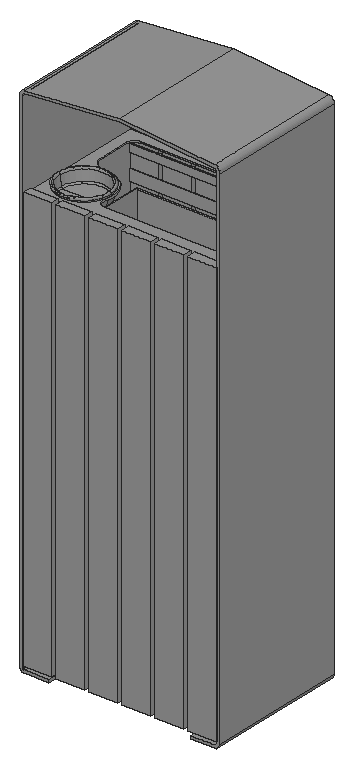
Revit family "Урна «Город»", category Антураж, Revit 2017
Family settings
  На основе рабочей плоскости = Нет
  Всегда вертикально = Да
  При загрузке вырезать с полостями = Нет
  Источник визуального образа = Геометрия семейства
  Общий = Нет
  Точка расчета площади = Нет
Parameters (values of type "Урна «Город»")
  Стоимость = 21500
  Изготовитель = "ООО «Хоббика»"
  Высота = 0 mm
  URL = "https://hobbyka.ru/product/urna_gorod/?sphrase_id=88655"
  ADSK_Размер_Длина = 350 mm
  ADSK_Размер_Глубина = 250 mm
  ADSK_Размер_Высота = 930 mm
  ADSK_Объем = 0.00 m³
  ADSK_Наименование = "Урна «Город»"
  ADSK_Материал урны = Сталь окрашенная, черная
  ADSK_Материал ламелей = Сосна
  ADSK_Масса = 0.00 kg
  ADSK_Код изделия = "10853"
Reference planes
  plane 1 "По центру (Вперед/Назад)": y = 0
  plane 2: z = 0
  plane 3 "По центру (Влево/Вправо)": x = 0
Forms (mm)
  Extrusion 1, solid, material "Сталь окрашенная, черная" <- "ADSK_Материал урны"
    sketch origin (175.112, -331.954, 0) x (-1, 0, 0) y (0, 0, 1)
      loop
        line (-125, 5) -> (-167.5, 5)
        arc (-167.5, 5) -> (-169.268, 5.732) -> (-170, 7.5) r 2.5
        line (-170, 7.5) -> (-170, 907.686)
        arc (-170, 907.686) -> (-168.488, 910.532) -> (-165.538, 911.844) r 4.911
        line (-165.538, 911.844) -> (0, 925) -> (165.537, 911.828)
        arc (165.537, 911.828) -> (168.488, 910.532) -> (170, 907.686) r 4.911
        line (170, 907.686) -> (170, 7.5)
        arc (170, 7.5) -> (169.268, 5.732) -> (167.5, 5) r 2.5
        line (167.5, 5) -> (125, 5) -> (125, 0) -> (167.5, 0)
        arc (167.5, 0) -> (172.803, 2.197) -> (175, 7.5) r 7.5
        line (175, 7.5) -> (175, 905.862)
        arc (175, 905.862) -> (172.781, 913.254) -> (165.933, 916.813) r 9.911
        line (165.933, 916.813) -> (0, 930) -> (-165.933, 916.813)
        arc (-165.933, 916.813) -> (-172.781, 913.254) -> (-175, 905.862) r 9.911
        line (-175, 905.862) -> (-175, 7.5)
        arc (-175, 7.5) -> (-172.803, 2.197) -> (-167.5, 0) r 7.5
        line (-167.5, 0) -> (-125, 0) -> (-125, 5)
    from 81.954 to 331.954
  Extrusion 2, solid, material "Сталь окрашенная, черная" <- "ADSK_Материал урны"
    sketch origin (0, 0, 0) x (1, 0, 0) y (0, 1, 0)
      loop
        line (309.79, -35) -> (40.434, -35)
        arc (40.434, -35) -> (29.6, -39.488) -> (25.112, -50.322) r 15.322
        line (25.112, -50.322) -> (25.112, -102.676)
        arc (25.112, -102.676) -> (34.29, -122.814) -> (55.509, -129.1) r 26.683
        arc (55.509, -129.1) -> (94.968, -148.284) -> (102.74, -191.465) r 48.432
        arc (102.74, -191.465) -> (103.792, -202.578) -> (112.302, -209.802) r 14.813
        line (112.302, -209.802) -> (305.112, -209.802)
        arc (305.112, -209.802) -> (319.254, -203.944) -> (325.112, -189.802) r 20
        line (325.112, -189.802) -> (325.112, -50.322)
        arc (325.112, -50.322) -> (320.624, -39.488) -> (309.79, -35) r 15.322
      loop
        line (5.112, -15) -> (5.112, -235) -> (345.112, -235) -> (345.112, -15) -> (5.112, -15)
      loop
        circle (55.112, -178.75) r 45
    from 750.375 to 752.375
  Extrusion 3, solid, material "Сталь окрашенная, черная" <- "ADSK_Материал урны"
    sketch origin (0, 0, 0) x (1, 0, 0) y (0, 1, 0)
      loop
        line (5.112, -17) -> (5.112, -233) -> (345.112, -233) -> (345.112, -17) -> (5.112, -17)
    from 50 to 52
  Extrusion 4, solid, material "Алюминий"
    sketch origin (0, 0, 752.375) x (1, 0, 0) y (0, 1, 0)
      loop
        line (25.112, -25.29) -> (25.112, -225.29) -> (325.112, -225.29) -> (325.112, -25.29) -> (25.112, -25.29)
      loop
        line (27.112, -27.29) -> (27.112, -223.29) -> (323.112, -223.29) -> (323.112, -27.29) -> (27.112, -27.29)
    from -700.375 to -81.213
Dimensions and locks
  aligned and locked: level to plane 2
  aligned and locked: Extrusion 2 to Extrusion 1  (x2)
Nested families
  nested 1: "Семейство1" at (5.112, 0, 0), ADSK_Материал ламелей <- "ADSK_Материал ламелей", ADSK_Материал урны <- "ADSK_Материал урны", type "Семейство1"
    with ADSK_Материал урны Сталь окрашенная, черная, ADSK_Материал ламелей Сосна
  nested 2: "Семейство1" at (5.112, -250, 0), ADSK_Материал ламелей <- "ADSK_Материал ламелей", ADSK_Материал урны <- "ADSK_Материал урны", type "Семейство1"
    with ADSK_Материал урны Сталь окрашенная, черная, ADSK_Материал ламелей Сосна
  nested 3: "Семейство2" at (55.112, -178.75, 752.375), type "Семейство2"
Definition of nested family "Семейство1"
  Parameters (values of type "Семейство1")
    Height = 0 mm
    ADSK_Материал урны [instance] = none
    ADSK_Материал ламелей [instance] = none
  Reference planes
    plane 1 "По центру (Вперед/Назад)": y = 0
    plane 2: z = 0
    plane 3 "По центру (Влево/Вправо)": x = 0
  Forms (mm)
    Extrusion 1, solid, material <- "ADSK_Материал ламелей"
      sketch origin (-5.112, 235, 0) x (1, 0, 0) y (0, 1, 0)
        loop
          line (237.112, -250) -> (287.112, -250) -> (287.112, -235) -> (237.112, -235) -> (237.112, -250)
        loop
          line (179.112, -250) -> (229.112, -250) -> (229.112, -235) -> (179.112, -235) -> (179.112, -250)
        loop
          line (121.112, -250) -> (171.112, -250) -> (171.112, -235) -> (121.112, -235) -> (121.112, -250)
        loop
          line (63.112, -250) -> (113.112, -250) -> (113.112, -235) -> (63.112, -235) -> (63.112, -250)
        loop
          line (5.112, -250) -> (55.112, -250) -> (55.112, -235) -> (5.112, -235) -> (5.112, -250)
        loop
          line (295.112, -250) -> (345.112, -250) -> (345.112, -235) -> (295.112, -235) -> (295.112, -250)
      from 11.162 to 756.162
    Extrusion 2, solid, material <- "ADSK_Материал урны"
      sketch origin (0, 0, 0) x (0, 1, 0) y (0, 0, 1)
        loop
          line (-17, 731.162) -> (-17, 716.162) -> (-15, 716.162) -> (-15, 731.162) -> (-17, 731.162)
        loop
          line (-17, 691.162) -> (-17, 671.162) -> (-15, 671.162) -> (-15, 691.162) -> (-17, 691.162)
        loop
          line (-17, 105.3) -> (-17, 85.3) -> (-15, 85.3) -> (-15, 105.3) -> (-17, 105.3)
        loop
          line (-17, 60.3) -> (-17, 40.3) -> (-15, 40.3) -> (-15, 60.3) -> (-17, 60.3)
        loop
          line (-17, 415.3) -> (-17, 395.3) -> (-15, 395.3) -> (-15, 415.3) -> (-17, 415.3)
      from 0 to 340
  Dimensions and locks
    aligned and locked: level to plane 2
    aligned and locked: Extrusion 1 to Extrusion 2  (x2)
Definition of nested family "Семейство2"
  Parameters (values of type "Семейство2")
    Default Elevation = 1219.2 mm
  Reference planes
    plane 1 "По центру (Вперед/Назад)": y = 0
    plane 2: z = 0
    plane 3 "По центру (Влево/Вправо)": x = 0
  Forms (mm)
    Extrusion 1, solid
      sketch origin (0, 0, 0) x (1, 0, 0) y (0, 1, 0)
        loop
          line (-1219.2, 1219.2) -> (-1219.2, -1219.2) -> (1219.2, -1219.2) -> (1219.2, 1219.2) -> (-1219.2, 1219.2)
      from 0 to -304.8
    Revolve 2, solid
      sketch origin (0, 0, -19.693) x (1, 0, 0) y (0, 0, 1)
        loop
          arc (40.475, 3.692) -> (39.857, 2.164) -> (38.488, 1.245) r 2.811
          line (38.488, 1.245) -> (0, 1.245) -> (0, 0) -> (38.488, 0) -> (40.262, 1.245) -> (46.516, 21.584)
          arc (46.516, 21.584) -> (46.187, 23.67) -> (44.339, 24.693) r 2.405
          arc (44.339, 24.693) -> (42.743, 23.466) -> (42.029, 21.584) r 3.691
          line (42.029, 21.584) -> (40.475, 3.692)
        axis (0, 24.693) -> (0, 0)
      angle from 0 to 360
  Dimensions and locks
    Revolve 2 to Extrusion 1 = 5 mm
    aligned and locked: plane 2 to Extrusion 1
    aligned and locked: level to Extrusion 1
